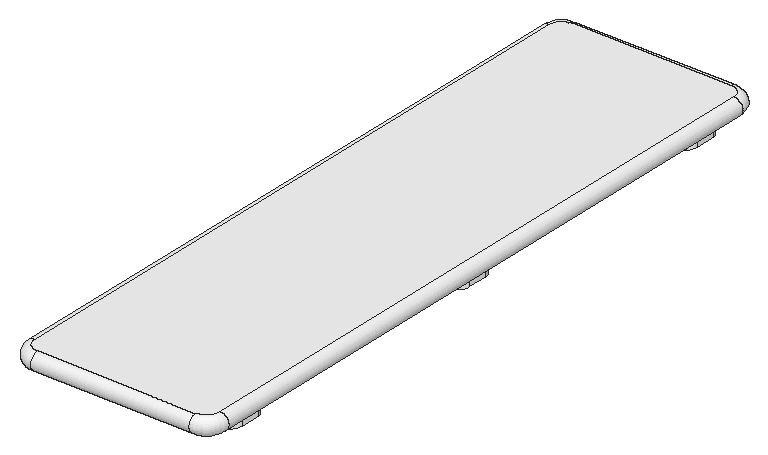
Revit family (continued)
Definition of nested family "9155-Base"
  Lines and regions (in)
    symbolic lines, style "Masking Lines", detail levels fine
      curve 83: line (0, 9.9138, 0.53208) -> (0, 9.9138, 0.13953)
      curve 84: spline (0, 10.11959, 0.30398) -> (0, 10.09071, 0.30085) -> (0, 10.06299, 0.29657) -> (0, 10.03679, 0.29121) -> (0, 10.01243, 0.28483) -> (0, 9.99023, 0.27751) -> (0, 9.97045, 0.26934) -> (0, 9.95336, 0.26043) -> (0, 9.93917, 0.25088) -> (0, 9.92806, 0.24083) -> (0, 9.92017, 0.2304) -> (0, 9.91559, 0.21971) -> (0, 9.91439, 0.2089)
      curve 85: line (0, 10.86923, 0.30398) -> (0, 10.11959, 0.30398)
      curve 86: spline (0, 11.08626, 0.2074) -> (0, 11.08534, 0.21864) -> (0, 11.08075, 0.22976) -> (0, 11.07253, 0.24061) -> (0, 11.06081, 0.25104) -> (0, 11.04574, 0.2609) -> (0, 11.02753, 0.27006) -> (0, 11.00645, 0.27839) -> (0, 10.98278, 0.28576) -> (0, 10.95685, 0.29209) -> (0, 10.92902, 0.29728) -> (0, 10.89967, 0.30127) -> (0, 10.86923, 0.30398)
      curve 87: spline (0, 10.84151, 0.12661) -> (0, 10.87411, 0.12674) -> (0, 10.9061, 0.1271) -> (0, 10.93692, 0.12767) -> (0, 10.96603, 0.12845) -> (0, 10.99293, 0.12943) -> (0, 11.01716, 0.13058) -> (0, 11.03829, 0.13188) -> (0, 11.05596, 0.13333) -> (0, 11.06986, 0.13487) -> (0, 11.07976, 0.13651) -> (0, 11.08548, 0.13819) -> (0, 11.08691, 0.1399)
      curve 88: line (0, 10.63026, 0.12661) -> (0, 10.84151, 0.12661)
      curve 89: spline (0, 10.57073, 0.12384) -> (0, 10.57201, 0.12422) -> (0, 10.57415, 0.12458) -> (0, 10.57711, 0.12493) -> (0, 10.58085, 0.12525) -> (0, 10.58531, 0.12555) -> (0, 10.59043, 0.12582) -> (0, 10.59614, 0.12605) -> (0, 10.60234, 0.12625) -> (0, 10.60896, 0.12641) -> (0, 10.61588, 0.12652) -> (0, 10.62302, 0.12659) -> (0, 10.63026, 0.12661)
      curve 90: spline (0, 10.61353, 0.09886) -> (0, 10.60755, 0.099) -> (0, 10.60186, 0.09917) -> (0, 10.59653, 0.09936) -> (0, 10.5916, 0.09959) -> (0, 10.58713, 0.09984) -> (0, 10.58316, 0.10011) -> (0, 10.57973, 0.1004) -> (0, 10.57688, 0.10071) -> (0, 10.57463, 0.10103) -> (0, 10.57301, 0.10136) -> (0, 10.57204, 0.1017) -> (0, 10.57172, 0.10204)
      curve 91: spline (0, 10.59775, 0.06349) -> (0, 10.66656, 0.06497) -> (0, 10.72793, 0.06718) -> (0, 10.77916, 0.07001) -> (0, 10.81799, 0.07333) -> (0, 10.84272, 0.07701) -> (0, 10.85225, 0.08087) -> (0, 10.84618, 0.08476) -> (0, 10.82475, 0.08849) -> (0, 10.78893, 0.0919) -> (0, 10.74028, 0.09485) -> (0, 10.68094, 0.09721) -> (0, 10.61353, 0.09886)
      curve 92: spline (0, 10.42875, 0.10178) -> (0, 10.42845, 0.10148) -> (0, 10.42755, 0.10118) -> (0, 10.42609, 0.10088) -> (0, 10.42405, 0.10059) -> (0, 10.42148, 0.10032) -> (0, 10.41839, 0.10006) -> (0, 10.41482, 0.09982) -> (0, 10.4108, 0.09959) -> (0, 10.40637, 0.09939) -> (0, 10.40158, 0.09922) -> (0, 10.39648, 0.09907) -> (0, 10.39111, 0.09895)
      curve 93: spline (0, 10.39111, 0.09895) -> (0, 10.32394, 0.09739) -> (0, 10.26439, 0.09514) -> (0, 10.21506, 0.09229) -> (0, 10.17808, 0.08897) -> (0, 10.15505, 0.08532) -> (0, 10.14699, 0.08149) -> (0, 10.15424, 0.07767) -> (0, 10.17649, 0.074) -> (0, 10.21276, 0.07066) -> (0, 10.26149, 0.06778) -> (0, 10.32056, 0.0655) -> (0, 10.38739, 0.0639)
      curve 94: spline (0, 10.38739, 0.0639) -> (0, 10.39347, 0.06378) -> (0, 10.39924, 0.06362) -> (0, 10.40463, 0.06342) -> (0, 10.40959, 0.0632) -> (0, 10.41404, 0.06295) -> (0, 10.41794, 0.06267) -> (0, 10.42123, 0.06238) -> (0, 10.42388, 0.06207) -> (0, 10.42585, 0.06174) -> (0, 10.42712, 0.0614) -> (0, 10.42767, 0.06106) -> (0, 10.4275, 0.06072)
      curve 95: line (0, 10.4275, 0.06072) -> (0, 10.42675, 0)
      curve 96: spline (0, 10.37391, 0.12663) -> (0, 10.38151, 0.1266) -> (0, 10.38896, 0.12651) -> (0, 10.39612, 0.12638) -> (0, 10.40287, 0.12619) -> (0, 10.40908, 0.12596) -> (0, 10.41464, 0.12568) -> (0, 10.41944, 0.12537) -> (0, 10.42341, 0.12503) -> (0, 10.42646, 0.12467) -> (0, 10.42855, 0.12428) -> (0, 10.42964, 0.12389) -> (0, 10.4297, 0.12349)
      curve 97: line (0, 10.16012, 0.12663) -> (0, 10.37391, 0.12663)
      curve 98: spline (0, 9.91382, 0.13953) -> (0, 9.91591, 0.13785) -> (0, 9.92217, 0.13619) -> (0, 9.93252, 0.13459) -> (0, 9.94676, 0.13308) -> (0, 9.96465, 0.13168) -> (0, 9.98589, 0.13041) -> (0, 10.01012, 0.12929) -> (0, 10.03692, 0.12836) -> (0, 10.06582, 0.12761) -> (0, 10.09635, 0.12707) -> (0, 10.12796, 0.12674) -> (0, 10.16012, 0.12663)
      curve 99: line (0, 5.09008, 0.14797) -> (0, 2.35013, 0.06538)
      curve 100: line (0, 2.42905, 0.05856) -> (0, 5.15677, 0.14141)
      curve 101: spline (0, 2.4039, 0.05429) -> (0, 2.40096, 0.05467) -> (0, 2.39894, 0.05507) -> (0, 2.39788, 0.05547) -> (0, 2.39778, 0.05588) -> (0, 2.39866, 0.05629) -> (0, 2.4005, 0.05669) -> (0, 2.40326, 0.05707) -> (0, 2.40692, 0.05743) -> (0, 2.4114, 0.05777) -> (0, 2.41665, 0.05807) -> (0, 2.42257, 0.05834) -> (0, 2.42909, 0.05857)
      curve 102: spline (0, 2.65029, 0.01547) -> (0, 2.63702, 0.01881) -> (0, 2.62241, 0.02215) -> (0, 2.60645, 0.02546) -> (0, 2.58916, 0.02876) -> (0, 2.57055, 0.03203) -> (0, 2.55062, 0.03529) -> (0, 2.52938, 0.03852) -> (0, 2.50684, 0.04173) -> (0, 2.48301, 0.04491) -> (0, 2.4579, 0.04807) -> (0, 2.43153, 0.05119) -> (0, 2.4039, 0.05429)
      curve 103: spline (0, 5.13485, 0.14753) -> (0, 5.13177, 0.14766) -> (0, 5.12847, 0.14778) -> (0, 5.12497, 0.14788) -> (0, 5.12132, 0.14797) -> (0, 5.11753, 0.14803) -> (0, 5.11364, 0.14808) -> (0, 5.10969, 0.14811) -> (0, 5.1057, 0.14812) -> (0, 5.10171, 0.14811) -> (0, 5.09776, 0.14808) -> (0, 5.09387, 0.14803) -> (0, 5.09008, 0.14797)
      curve 104: line (0, 5.17748, 0.14368) -> (0, 5.13485, 0.14753)
      curve 105: line (0, 5.17748, 0.14368) -> (0, 5.17748, 0.53208)
      curve 106: line (0, -9.91322, 0.13968) -> (0, -9.91322, 0.53208)
  Dimensions and locks (in)
    aligned and locked: plane 2 to level
Types (7): name | Model | Finish
  (no name) | "9155-0" | Plastic-Kohler-0-White
  Plastic-0-White | "9155-0" | Plastic-Kohler-0-White
  Plastic-47-Almond | "9155-47" | Plastic-Kohler-47-Almond
  Plastic-95-Ice_Grey | "9155-95" | Plastic-Kohler-95-Ice Grey
  Plastic-96-Biscuit | "9155-96" | Plastic-Kohler-96-Biscuit
  Plastic-G9-Sandbar | "9155-G9" | Plastic-Kohler-G9-Sandbar
  Plastic-NY-Dune | "9155-NY" | Plastic-Kohler-NY-Dune
